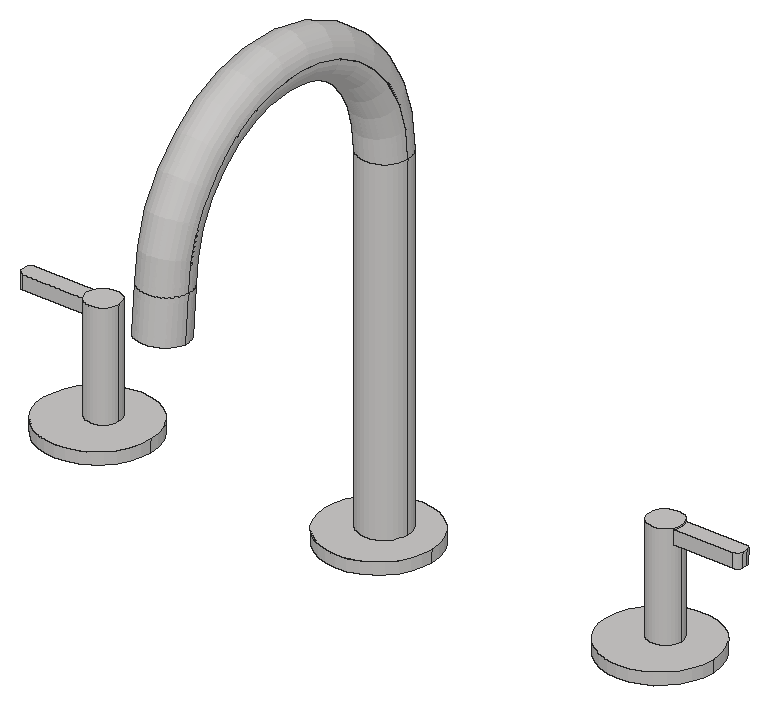
Revit family "SA-3121", category Plumbing Fixtures, Revit 2023
Family settings
  Round Connector Dimension = Use Diameter
  Part Type = Normal
  OmniClass Number = 23.45.00.00
  OmniClass Title = Sanitary, Laundry, and Cleaning Equipment
  Work Plane-Based = No
  Enable Cutting in Views = No
  Always vertical = Yes
  Cut with Voids When Loaded = No
  Maintain Annotation Orientation = No
  Shared = No
  Room Calculation Point = No
Parameters
  Default Elevation = 0"
Reference planes (in)
  plane 1 "Center (Front/Back)": y = 0
  plane 2: z = 0
  plane 3 "Center (Left/Right)": x = 0
  plane 4 "Center L/S": y = 10.6875
  plane 5: x = 5.90625
  plane 6: x = -5.90625
  plane 7: z = 0
  plane 8: z = 10.6875
  plane 9: x = -1.125
  plane 10 "Center L/V": y = -5.75
  plane 11: through (0, -5.71231, 7.6711) normal (0, -0.9945, 0.1045)
  plane 12: x = 4.78125
  plane 13: x = 7.03125
  plane 14: y = -6.33456
  plane 15: z = 6.37598
  plane 16: y = 0.97794
  plane 17: x = 1.125
  plane 18: z = 2.4375
Forms (in)
  Sweep 1, solid, material "stainless steel"
    path origin (0, 0, 0) x (0, -1, 0) y (0, 0, -1)
      loop
        line (0, -0.24596) -> (0, -7.3125)
        arc (0, -7.3125) -> (2.875, -10.1875) -> (5.75, -7.3125) r 2.875
        line (5.75, -7.3125) -> (5.83672, -6.38409)
    profile origin (0, 0, 3.77923) x (0, -1, 0) y (1, 0, 0)
      loop
        circle (0, 0) r 0.5
  Extrusion 2, solid, material "stainless steel"
    sketch origin (0, 0, 0) x (1, 0, 0) y (0, 1, 0)
      loop
        circle (-5.90625, 0) r 0.3346
    from 0.24596 to 2.4375
  Extrusion 3, solid, material "stainless steel"
    sketch origin (-5.90625, -5.90625, 0.71696) x (0, -1, 0) y (1, 0, 0)
      loop
        line (-6.07513, 0) -> (-6.07513, -1.55288)
        arc (-6.07513, -1.55288) -> (-6.03872, -1.63253) -> (-5.95907, -1.66894) r 0.12544
        line (-5.95907, -1.66894) -> (-5.85343, -1.66894)
        arc (-5.85343, -1.66894) -> (-5.77378, -1.63253) -> (-5.73737, -1.55288) r 0.12544
        line (-5.73737, -1.55288) -> (-5.73737, 0) -> (-6.07513, 0)
    from 1.41445 to 1.7003
  Extrusion 4, solid, material "stainless steel"
    sketch origin (5.90625, -0.14706, 0) x (1, 0, 0) y (0, 1, 0)
      loop
        circle (-5.90625, 0) r 1.125
    from 0 to 0.24596
  Extrusion 5, solid, material "stainless steel"
    sketch origin (0, -0.14706, 0) x (1, 0, 0) y (0, 1, 0)
      loop
        circle (-5.90625, 0) r 1.125
    from 0 to 0.24596
  Extrusion 6, solid, material "stainless steel"
    sketch origin (0, 0, 0) x (-1, 0, 0) y (0, -1, 0)
      loop
        circle (-5.90625, 0) r 0.3346
    from 0.24596 to 2.4375
  Extrusion 7, solid, material "stainless steel"
    sketch origin (5.90625, -5.90625, 0.71696) x (0, -1, 0) y (1, 0, 0)
      loop
        line (-6.07513, 0) -> (-5.73737, 0) -> (-5.73737, 1.55288)
        arc (-5.73737, 1.55288) -> (-5.77378, 1.63253) -> (-5.85343, 1.66894) r 0.12544
        line (-5.85343, 1.66894) -> (-5.95907, 1.66894)
        arc (-5.95907, 1.66894) -> (-6.03872, 1.63253) -> (-6.07513, 1.55288) r 0.12544
        line (-6.07513, 1.55288) -> (-6.07513, 0)
    from 1.41445 to 1.7003
  Extrusion 8, solid, material "stainless steel"
    sketch origin (0, -0.14706, 0) x (-1, 0, 0) y (0, -1, 0)
      loop
        circle (-5.90625, 0) r 1.125
    from 0 to 0.24596
Dimensions and locks (in)
  plane 5 to plane 6 = 11 13/16"
  plane 8 to level = 10 11/16"
  plane 1 "Center (Front/Back)" to plane 10 "Center L/V" = 5 3/4"  (x2)
  plane 12 to plane 13 = 2 1/4"
  plane 15 to level = 6.37598"
  level to plane 8 = 10 11/16"
  plane 16 to plane 14 = 7 5/16"
  plane 18 to level = 2 7/16"
  plane 17 to plane 9 = 2 1/4"
  angle plane 10 "Center L/V" to plane 11 = 6.00°
  aligned and locked: level to plane 2
